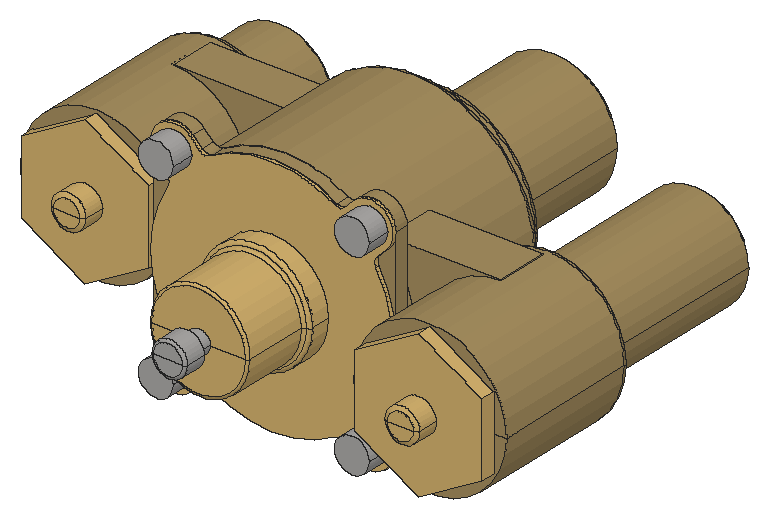
Revit family "Pipework_Fitting-Haws-AXION_Thermostatic_Mixing_Valve-9201EFE", category Pipe Fittings, Revit 2013
Parameters (values of type "9201EFE")
  Warranty = "http://www.hawsco.com/downloads/dl/file/id/15484/warranty_tmv.pdf"
  URL = "http://www.hawsco.com/"
  Product Page URL = "http://www.hawsco.com/eyewash-blending-valve"
  Product Name = "Thermostatic Mixing Valve"  # constant formula
  Product Documentation Link = "http://www.hawsco.com/downloads/dl/file/id/7319/9201efe_spec_sheet.pdf"
  Operation/Maintenance Manual = "http://www.hawsco.com/downloads/dl/file/id/1064/9201efe.pdf"
  Operating Pressure = 125.00 psi
  Model = "9201EFE"  # constant formula
  Metal = Metal - Haws - Brass Brushed
  Material = ""
  Manufacturer Phone Number = "(888) 640-4297 "  # constant formula
  Manufacturer Email/Contact = "http://www.hawsco.com/contact"
  Manufacturer Address = "1455 Kleppe Ln. Sparks, NV 89431"  # constant formula
  Manufacturer = "Haws"  # constant formula
  Keynote = ""
  Installation Drawing = "http://www.hawsco.com/downloads/dl/file/id/113/in9201efe.pdf"
  Hot Inlet Temperature = 180 °F
  Flow Rate = 12 GPM
  Description = "Axion Emergency Tempering Valve"  # constant formula
  Cold Inlet Temperature = 70 °F
Reference planes (in)
  plane 1 "Center (Front/Back)": y = 0
  plane 2: z = 0
  plane 3 "Center (Left/Right)": x = 0
  plane 4: z = 0.79563
  plane 5: z = -0.79563
  plane 6: z = 0.39782
  plane 7: z = -0.39782
  plane 8: z = 1.71409
  plane 9: x = 2.25386
  plane 10: x = -2.25386
  plane 11: y = 1.40443
  plane 12: y = -2.2318
  plane 13: y = -2.38807
  plane 14: y = -2.63249
  plane 15: y = 2.30598
  plane 16: y = -1.11989
  plane 17: y = -1.27616
  plane 18: y = -1.52058
  plane 19: y = -1.37032
  plane 20: y = -1.55654
  plane 21: y = -1.80106
  plane 22: y = -2.55135
  plane 23: y = -2.71363
  plane 24: y = -2.96406
  plane 25: z = 0.82542
  plane 26: z = -0.82563
  plane 27: y = 0.40492
  plane 28: x = -2.94107
  plane 29: x = -1.56518
  plane 30: x = 2.94254
  plane 31: x = 1.56666
  plane 32: x = -1.31291
  plane 33: x = 1.31291
  plane 34: x = -1.00027
  plane 35: x = 0.99336
  plane 36: y = -0.53791
Forms (in)
  Revolve 1, solid, material "Metal - Haws - Brass Brushed" <- "Metal"
    sketch origin (0, 0, 0) x (1, 0, 0) y (0, 1, 0)
      loop
        line (2.70986, 1.40443) -> (2.70986, -0.53389)
        arc (2.70986, -0.53389) -> (2.76114, -0.65769) -> (2.88495, -0.70898) r 0.17509
        arc (2.88495, -0.70898) -> (2.93468, -0.72958) -> (2.95528, -0.77931) r 0.07033
        line (2.95528, -0.77931) -> (2.95528, -2.1068) -> (2.25386, -2.1068) -> (2.25386, -2.2318) -> (3.08028, -2.2318) -> (3.08028, -0.63406)
        arc (3.08028, -0.63406) -> (3.06561, -0.59865) -> (3.03019, -0.58398) r 0.05009
        line (3.03019, -0.58398) -> (2.88495, -0.58398)
        arc (2.88495, -0.58398) -> (2.84953, -0.56931) -> (2.83486, -0.53389) r 0.05009
        line (2.83486, -0.53389) -> (2.83486, 1.35435) -> (2.78477, 1.40443) -> (2.70986, 1.40443)
      axis (2.25386, -2.2318) -> (2.25386, 1.40443)
    angle from 0 to 360
  Revolve 2, solid, material "Metal - Haws - Brass Brushed" <- "Metal"
    sketch origin (0, 0, 0) x (1, 0, 0) y (0, 1, 0)
      loop
        line (0, -1.37032) -> (1.31291, -1.37032) -> (1.31291, 0.36265)
        arc (1.31291, 0.36265) -> (1.29824, 0.39806) -> (1.26283, 0.41273) r 0.05009
        line (1.26283, 0.41273) -> (1.15698, 0.41273)
        arc (1.15698, 0.41273) -> (1.12157, 0.4274) -> (1.1069, 0.46282) r 0.05009
        line (1.1069, 0.46282) -> (1.1069, 0.63311)
        arc (1.1069, 0.63311) -> (1.09223, 0.66853) -> (1.05681, 0.6832) r 0.05009
        line (1.05681, 0.6832) -> (0.73626, 0.6832)
        arc (0.73626, 0.6832) -> (0.70085, 0.69787) -> (0.68618, 0.73328) r 0.05009
        line (0.68618, 0.73328) -> (0.68618, 2.25589) -> (0.63609, 2.30598) -> (0.56118, 2.30598) -> (0.56118, 0.73328)
        arc (0.56118, 0.73328) -> (0.61246, 0.60948) -> (0.73626, 0.5582) r 0.17509
        line (0.73626, 0.5582) -> (0.88652, 0.5582)
        arc (0.88652, 0.5582) -> (0.95396, 0.53026) -> (0.9819, 0.46282) r 0.09538
        arc (0.9819, 0.46282) -> (1.03318, 0.33901) -> (1.15698, 0.28773) r 0.17509
        line (1.15698, 0.28773) -> (1.18791, 0.28773) -> (1.18791, -1.24532) -> (0, -1.24532) -> (0, -1.37032)
      axis (0, 2.30598) -> (0, -1.37032)
    angle from 0 to 360
  Revolve 3, solid, material "Metal - Haws - Brass Brushed" <- "Metal"
    sketch origin (0, 0, 0) x (1, 0, 0) y (0, 1, 0)
      loop
        line (-2.25386, -1.11989) -> (-2.25386, -0.99489) -> (-2.95528, -0.99489) -> (-2.95528, 0.33254)
        arc (-2.95528, 0.33254) -> (-2.93466, 0.38231) -> (-2.88489, 0.40293) r 0.07039
        arc (-2.88489, 0.40293) -> (-2.76113, 0.4542) -> (-2.70986, 0.57796) r 0.17503
        line (-2.70986, 0.57796) -> (-2.70986, 1.40443) -> (-2.78477, 1.40443) -> (-2.83486, 1.35435) -> (-2.83486, 0.57796)
        arc (-2.83486, 0.57796) -> (-2.84951, 0.54258) -> (-2.88489, 0.52793) r 0.05003
        line (-2.88489, 0.52793) -> (-3.03019, 0.52793)
        arc (-3.03019, 0.52793) -> (-3.06561, 0.51326) -> (-3.08028, 0.47784) r 0.05009
        line (-3.08028, 0.47784) -> (-3.08028, -1.11989) -> (-2.25386, -1.11989)
      axis (-2.25386, -1.11989) -> (-2.25386, 1.40443)
    angle from 0 to 360
  Extrusion 4, solid, material "Metal - Haws - Brass Brushed" <- "Metal"
    sketch origin (-1.61461, 1.52696, 9.34863) x (0, 1, 0) y (0, 0, 1)
      loop
        line (-1.12204, -10.17426) -> (-1.12204, -8.52321) -> (-1.6251, -8.52321) -> (-1.6251, -9.09272) -> (-2.64685, -9.09272) -> (-2.64685, -9.60378) -> (-1.64685, -9.60378) -> (-1.64685, -10.17426) -> (-1.12204, -10.17426)
    from -0.63925 to 0.61434
  Extrusion 5, void
    sketch origin (0, 0, 0) x (1, 0, 0) y (0, 0, 1)
      loop
        circle (-2.25386, 0) r 0.81323
    from -0.40492 to 1.11989
  Extrusion 6, solid, material "Metal - Haws - Brass Brushed" <- "Metal"
    sketch origin (1.4421, -2.3982, 9.34863) x (0, -1, 0) y (0, 0, 1)
      loop
        line (-1.12204, -10.17426) -> (-1.12204, -8.52321) -> (-1.69903, -8.52321) -> (-1.69903, -9.09272) -> (-1.81423, -9.09272) -> (-1.81423, -9.60378) -> (-1.69903, -9.60378) -> (-1.69903, -10.17426) -> (-1.12204, -10.17426)
    from -0.81177 to 0.44874
  Extrusion 7, void
    sketch origin (4.50773, 0, 0) x (1, 0, 0) y (0, 0, 1)
      loop
        circle (-2.25386, 0) r 0.81323
    from 0.53389 to 1.37032
  Extrusion 8, void
    sketch origin (2.25386, 0, 0) x (1, 0, 0) y (0, 0, 1)
      loop
        circle (-2.25386, 0) r 1.30706
    from -0.56364 to 1.37032
  Extrusion 9, solid, material "Metal - Haws - Brass Polished"
    sketch origin (0, 2.58973, -9.03527) x (1, 0, 0) y (0, 0, -1)
      loop
        line (-2.25092, -8.24431) -> (-2.94107, -8.64277) -> (-2.94107, -9.43629) -> (-2.25386, -9.83305) -> (-1.56518, -9.43544) -> (-1.56518, -8.64022) -> (-2.25092, -8.24431)
    from -3.86589 to -3.70963
  Extrusion 10, solid, material "Metal - Haws - Brass Polished"
    sketch origin (4.50773, 2.58973, -9.03527) x (1, 0, 0) y (0, 0, -1)
      loop
        line (-2.25092, -8.24431) -> (-2.94107, -8.64277) -> (-2.94107, -9.43629) -> (-2.25386, -9.83305) -> (-1.56518, -9.43544) -> (-1.56518, -8.64022) -> (-2.25092, -8.24431)
    from -4.9778 to -4.82153
  Revolve 11, solid, material "Metal - Haws - Brass Polished"
    sketch origin (0, 0, 0) x (1, 0, 0) y (0, 1, 0)
      loop
        line (-2.25386, -1.52058) -> (-2.25386, -1.27616) -> (-2.44169, -1.27616) -> (-2.44169, -1.49371) -> (-2.39515, -1.52058) -> (-2.25386, -1.52058)
      axis (-2.25386, -1.27616) -> (-2.25386, -1.52058)
    angle from 0 to 360
  Revolve 12, solid, material "Metal - Haws - Brass Polished"
    sketch origin (4.50773, -1.11191, 0) x (1, 0, 0) y (0, 1, 0)
      loop
        line (-2.25386, -1.52058) -> (-2.25386, -1.27616) -> (-2.44169, -1.27616) -> (-2.44169, -1.49371) -> (-2.39515, -1.52058) -> (-2.25386, -1.52058)
      axis (-2.25386, -1.27616) -> (-2.25386, -1.52058)
    angle from 0 to 360
  Extrusion 13, solid, material "Metal - Haws - Brass Brushed" <- "Metal"
    sketch origin (0, -4.6594, 9.1594) x (1, 0, 0) y (0, 0, 1)
      loop
        line (-1.31291, -8.09435) -> (-1.31291, -10.22446)
        arc (-1.31291, -10.22446) -> (-1.15713, -10.45374) -> (-0.8854, -10.39896) r 0.25044
        line (-0.8854, -10.39896) -> (-0.78725, -10.30081)
        arc (-0.78725, -10.30081) -> (-0.73362, -10.27412) -> (-0.67475, -10.28518) r 0.09416
        arc (-0.67475, -10.28518) -> (0, -10.4719) -> (0.67475, -10.28518) r 1.3125
        arc (0.67475, -10.28518) -> (0.73362, -10.27412) -> (0.78725, -10.30081) r 0.09416
        line (0.78725, -10.30081) -> (0.8854, -10.39896)
        arc (0.8854, -10.39896) -> (1.15713, -10.45374) -> (1.31291, -10.22446) r 0.25044
        line (1.31291, -10.22446) -> (1.31291, -8.09435)
        arc (1.31291, -8.09435) -> (1.15713, -7.86507) -> (0.8854, -7.91985) r 0.25044
        line (0.8854, -7.91985) -> (0.78725, -8.018)
        arc (0.78725, -8.018) -> (0.73362, -8.04469) -> (0.67475, -8.03363) r 0.09416
        arc (0.67475, -8.03363) -> (0, -7.8469) -> (-0.67475, -8.03363) r 1.3125
        arc (-0.67475, -8.03363) -> (-0.73362, -8.04469) -> (-0.78725, -8.018) r 0.09416
        line (-0.78725, -8.018) -> (-0.8854, -7.91985)
        arc (-0.8854, -7.91985) -> (-1.15713, -7.86507) -> (-1.31291, -8.09435) r 0.25044
    from -3.28908 to -3.13882
  Extrusion 14, solid, material "Metal - Haws - Brass Polished"
    sketch origin (0, -6.34692, 9.15942) x (1, 0, 0) y (0, 0, 1)
      loop
        line (-1.14143, -9.94666) -> (-1.23957, -10.04481)
        arc (-1.23957, -10.04481) -> (-1.23957, -10.39898) -> (-0.8854, -10.39898) r 0.25044
        line (-0.8854, -10.39898) -> (-0.78725, -10.30082)
        arc (-0.78725, -10.30082) -> (-0.73391, -10.27418) -> (-0.67527, -10.2849) r 0.09416
        arc (-0.67527, -10.2849) -> (-0.00022, -10.47193) -> (0.67489, -10.28512) r 1.3125
        arc (0.67489, -10.28512) -> (0.7337, -10.27415) -> (0.78725, -10.30082) r 0.09416
        line (0.78725, -10.30082) -> (0.8854, -10.39898)
        arc (0.8854, -10.39898) -> (1.23957, -10.39898) -> (1.23957, -10.04481) r 0.25044
        line (1.23957, -10.04481) -> (1.14143, -9.94666)
        arc (1.14143, -9.94666) -> (1.11468, -9.89253) -> (1.12631, -9.83327) r 0.09416
        arc (1.12631, -9.83327) -> (1.3125, -9.15942) -> (1.12631, -8.48556) r 1.3125
        arc (1.12631, -8.48556) -> (1.11468, -8.42631) -> (1.14143, -8.37217) r 0.09416
        line (1.14143, -8.37217) -> (1.23957, -8.27403)
        arc (1.23957, -8.27403) -> (1.23957, -7.91986) -> (0.8854, -7.91986) r 0.25044
        line (0.8854, -7.91986) -> (0.78725, -8.01802)
        arc (0.78725, -8.01802) -> (0.7337, -8.04469) -> (0.67489, -8.03372) r 0.09416
        arc (0.67489, -8.03372) -> (-0.00022, -7.8469) -> (-0.67527, -8.03393) r 1.3125
        arc (-0.67527, -8.03393) -> (-0.73391, -8.04466) -> (-0.78725, -8.01802) r 0.09416
        line (-0.78725, -8.01802) -> (-0.8854, -7.91986)
        arc (-0.8854, -7.91986) -> (-1.23957, -7.91986) -> (-1.23957, -8.27403) r 0.25044
        line (-1.23957, -8.27403) -> (-1.14143, -8.37217)
        arc (-1.14143, -8.37217) -> (-1.11447, -8.42796) -> (-1.12801, -8.48842) r 0.09416
        arc (-1.12801, -8.48842) -> (-1.3125, -9.16108) -> (-1.12631, -9.83327) r 1.3125
        arc (-1.12631, -9.83327) -> (-1.11468, -9.89253) -> (-1.14143, -9.94666) r 0.09416
    from -4.82634 to -4.79038
  Extrusion 15, solid, material "Metal - Haws - Steel"
    sketch origin (0, -5.03442, 9.15942) x (1, 0, 0) y (0, 0, 1)
      loop
        circle (-1.06248, -8.09694) r 0.18782
      loop
        circle (1.06248, -8.09694) r 0.18782
      loop
        circle (-1.06248, -10.2219) r 0.18782
      loop
        circle (1.06248, -10.2219) r 0.18782
    from -3.47788 to -3.23336
  Revolve 16, solid, material "Metal - Haws - Brass Polished"
    sketch origin (0, 0, 0) x (1, 0, 0) y (0, 1, 0)
      loop
        line (0, -1.55654) -> (-0.60804, -1.55654) -> (-0.60804, -1.76896)
        arc (-0.60804, -1.76896) -> (-0.59746, -1.79449) -> (-0.57193, -1.80507) r 0.03611
        arc (-0.57193, -1.80507) -> (-0.54788, -1.81503) -> (-0.53792, -1.83908) r 0.03401
        line (-0.53792, -1.83908) -> (-0.53792, -2.52528)
        arc (-0.53792, -2.52528) -> (-0.53029, -2.54371) -> (-0.51185, -2.55135) r 0.02607
        line (-0.51185, -2.55135) -> (0, -2.55135) -> (0, -1.55654)
      axis (0, -1.55654) -> (0, -2.55135)
    angle from 0 to 360
  Revolve 17, solid, material "Metal - Haws - Steel"
    sketch origin (0, 0, 0) x (1, 0, 0) y (0, 1, 0)
      loop
        line (0, -2.55135) -> (0, -2.96406) -> (0.16024, -2.96406)
        arc (0.16024, -2.96406) -> (0.17974, -2.95598) -> (0.18782, -2.93648) r 0.02758
        line (0.18782, -2.93648) -> (0.18782, -2.71363) -> (0.12521, -2.71363) -> (0.12521, -2.55135) -> (0, -2.55135)
      axis (0, -2.55135) -> (0, -2.96406)
    angle from 0 to 360
Cuts and joins
  Extrusion 7 cuts Revolve 3
  Extrusion 8 cuts Revolve 1
  Extrusion 5, Extrusion 8 cuts Extrusion 4
  Extrusion 7, Extrusion 8 cuts Extrusion 6
Lines and regions (in)
  Masking region 1
    outline origin (0, 0, 0) x (1, 0, 0) y (0, 1, 0)
      loop
        line (-3.08028, -1.11989) -> (-1.31291, -1.11989) -> (-1.31291, -1.55654) -> (-0.60804, -1.55654) -> (-0.60804, -2.55135) -> (0.60804, -2.55135) -> (0.60804, -1.55654) -> (1.42745, -1.55654) -> (1.42745, -2.2318) -> (3.07613, -2.2318) -> (3.07613, -0.58189) -> (2.83486, -0.58189) -> (2.83486, 1.40443) -> (1.67287, 1.40443) -> (1.67287, 0.41221) -> (1.1087, 0.41221) -> (1.1087, 0.68138) -> (0.68618, 0.68138) -> (0.68618, 2.30598) -> (-0.68618, 2.30598) -> (-0.68618, 0.68138) -> (-1.1036, 0.68138) -> (-1.1036, 0.52735) -> (-1.67287, 0.52735) -> (-1.67287, 1.40443) -> (-2.83435, 1.40443) -> (-2.83435, 0.52817) -> (-3.08028, 0.52817) -> (-3.08028, -1.11989)
  symbolic lines, detail levels medium+fine
    curve 1: line (-1.44063, 0.52735, 0) -> (-1.44063, -1.11989, 0)
    curve 2: line (-1.3303, -1.11989, 0) -> (-1.3303, 0.41221, 0)
    curve 3: line (-1.3303, 0.41221, 0) -> (-1.1036, 0.41221, 0)
    curve 6: line (1.42745, -2.2318, 0) -> (1.42745, -0.58398, 0)
    curve 7: line (1.42745, -0.58398, 0) -> (1.67287, -0.58398, 0)
    curve 8: line (1.67287, -0.58398, 0) -> (1.67287, 0.41221, 0)
    curve 9: line (-1.1036, 0.52735, 0) -> (-1.1036, 0.41221, 0)
  symbolic lines, detail levels fine
    curve 4: line (0.68618, 0.68138, 0) -> (-0.68618, 0.68138, 0)
    curve 5: line (-0.60804, -1.55654, 0) -> (0.60804, -1.55654, 0)
    curve 10: line (1.1087, 0.41221, 0) -> (-1.1036, 0.41221, 0)
Dimensions and locks (in)
  plane 26 to plane 5 to plane 7 to plane 2 to plane 6 to plane 4 to plane 25 to plane 8 = 0' - 0.03" locked, 0' - 0.39782" locked, 0' - 0.39782" locked, 0' - 0.39782" locked, 0' - 0.39782" locked, 0' - 0.02978" locked, 0' - 0.88868" locked
  plane 8 to plane 4 to plane 6 to plane 2 to plane 7 to plane 5 = 0' - 0.91846", 0' - 0.39782", 0' - 0.39782", 0' - 0.39782", 0' - 0.39782"
  plane 8 to plane 25 to plane 4 to plane 6 to plane 2 to plane 7 to plane 5 to plane 26 = 0' - 0.88868", 0' - 0.02978", 0' - 0.39782", 0' - 0.39782", 0' - 0.39782", 0' - 0.39782", 0' - 0.03"
  plane 26 to Extrusion 4 sketch curve to Extrusion 4 sketch curve = 0' - 0.57048" locked, 0' - 0.51105" locked
  Extrusion 4 sketch curve to plane 1 "Center (Front/Back)" to Extrusion 4 sketch curve to Extrusion 4 sketch curve to Extrusion 4 sketch curve = 0' - 0.40492", 0' - 0.09814", 0' - 0.02175" locked, 0' - 1" locked
  Extrusion 6 sketch curve to Extrusion 6 sketch curve to Extrusion 6 sketch curve to plane 17 = 0' - 0.1152" locked, 0' - 0" locked, 0' - 0.57699" locked
  Extrusion 6 sketch curve to plane 2 to Extrusion 6 sketch curve = 0' - 0.2559" locked, 0' - 0.25515" locked
  plane 4 to Extrusion 9 sketch curve to Extrusion 9 sketch curve to Extrusion 9 sketch curve to Extrusion 9 sketch curve to Extrusion 9 sketch curve = 0' - 0.39461" locked, 0' - 0.00085" locked, 0' - 0.79267" locked, 0' - 0.00255" locked, 0' - 0.39591" locked
  plane 25 to Extrusion 10 sketch curve to Extrusion 10 sketch curve to Extrusion 10 sketch curve to Extrusion 10 sketch curve to Extrusion 10 sketch curve to Extrusion 10 sketch curve = 0' - 0.02764" locked, 0' - 0.39676" locked, 0' - 0.00085" locked, 0' - 0.79267" locked, 0' - 0.00255" locked, 0' - 0.39591" locked
  plane 15 to plane 11 to plane 27 to plane 1 "Center (Front/Back)" to plane 36 to plane 16 to plane 17 to plane 19 to plane 18 to plane 20 to plane 21 to plane 12 to plane 13 to plane 22 to plane 14 to plane 23 to plane 24 = 0' - 0.90155" locked, 0' - 0.99951" locked, 0' - 0.40492" locked, 0' - 0.53791" locked, 0' - 0.58199" locked, 0' - 0 5/32" locked, 0' - 0.09416" locked, 0' - 0.15026" locked, 0' - 0.03596" locked, 0' - 0.24452" locked, 0' - 0.43074" locked, 0' - 0 5/32" locked, 0' - 0.16328" locked, 0' - 0.08114" locked, 0' - 0.08114" locked, 0' - 0.25043" locked
  Extrusion 15 sketch curve to Extrusion 15 sketch curve to plane 3 "Center (Left/Right)" to Extrusion 15 sketch curve to Extrusion 15 sketch curve = 0' - 0" locked, 0' - 1 1/16" locked, 0' - 1 1/16" locked, 0' - 0" locked
  Extrusion 15 sketch curve to Extrusion 15 sketch curve to plane 2 to Extrusion 15 sketch curve to Extrusion 15 sketch curve = 0' - 0" locked, 0' - 1 1/16" locked, 0' - 1 1/16" locked, 0' - 0" locked
  plane 30 to plane 9 to plane 31 to plane 33 to plane 35 to plane 3 "Center (Left/Right)" to plane 34 to plane 32 to plane 29 to plane 10 to plane 28 = 0' - 0.68868" locked, 0' - 0.68721" locked, 0' - 0.25375" locked, 0' - 0.31955" locked, 0' - 0.99336" locked, 0' - 1.00027" locked, 0' - 0.31264" locked, 0' - 0.25227" locked, 0' - 0.68868" locked, 0' - 0.68721" locked
  locked: plane 4 to Extrusion 9 sketch curve (angle 150.00°)
  aligned and locked: level to plane 2
  aligned and locked: plane 9 to Revolve 1 sketch curve
  aligned and locked: Revolve 1 sketch curve to plane 11
  aligned and locked: plane 12 to Revolve 1 sketch curve
  aligned and locked: Revolve 2 sketch curve to plane 3 "Center (Left/Right)"
  aligned and locked: plane 15 to Revolve 2 sketch curve
  aligned and locked: plane 19 to Revolve 2 sketch curve
  aligned and locked: Revolve 2 sketch curve to plane 15
  aligned and locked: Revolve 2 sketch curve to plane 19
  aligned and locked: plane 10 to Revolve 3 sketch curve
  aligned and locked: plane 11 to Revolve 3 sketch curve
  aligned and locked: plane 16 to Revolve 3 sketch curve  (x2)
  aligned and locked: Revolve 3 sketch curve to plane 11
  aligned and locked: Extrusion 4 sketch curve to plane 25
  aligned and locked: plane 26 to Extrusion 4 sketch curve
  aligned and locked: Extrusion 4 to plane 16
  aligned and locked: plane 27 to Extrusion 4
  aligned and locked: Extrusion 4 to plane 10
  aligned and locked: plane 17 to Extrusion 6 sketch curve
  aligned and locked: plane 25 to Extrusion 6 sketch curve
  aligned and locked: Extrusion 6 sketch curve to plane 26
  aligned and locked: Extrusion 9 to plane 17
  aligned and locked: plane 16 to Extrusion 9
  aligned and locked: plane 28 to Extrusion 9 sketch curve
  aligned and locked: plane 29 to Extrusion 9 sketch curve
  aligned and locked: plane 31 to Extrusion 10 sketch curve
  aligned and locked: plane 30 to Extrusion 10 sketch curve
  aligned and locked: Extrusion 10 to plane 13
  aligned and locked: plane 12 to Extrusion 10
  aligned and locked: plane 18 to Revolve 11 sketch curve
  aligned and locked: Revolve 11 sketch curve to plane 17
  aligned and locked: Revolve 11 sketch curve to plane 10  (x2)
  aligned and locked: Revolve 12 sketch curve to plane 9  (x2)
  aligned and locked: plane 14 to Revolve 12 sketch curve
  aligned and locked: Revolve 12 sketch curve to plane 13
  aligned and locked: plane 19 to Extrusion 13
  aligned and locked: Extrusion 13 to plane 18
  aligned and locked: plane 33 to Extrusion 13 sketch curve
  aligned and locked: plane 32 to Extrusion 13 sketch curve
  aligned and locked: plane 18 to Extrusion 14
  aligned and locked: Extrusion 14 to plane 20
  aligned and locked: plane 20 to Extrusion 15
  aligned and locked: Extrusion 15 to plane 21
  aligned and locked: Revolve 16 sketch curve to plane 3 "Center (Left/Right)"
  aligned and locked: plane 20 to Revolve 16 sketch curve  (x2)
  aligned and locked: plane 22 to Revolve 16 sketch curve  (x2)
  aligned and locked: Revolve 17 sketch curve to plane 3 "Center (Left/Right)"
  aligned and locked: Revolve 17 sketch curve to plane 22
  aligned and locked: plane 24 to Revolve 17 sketch curve
  aligned and locked: plane 34 to Extrusion 4
  aligned and locked: Extrusion 4 to Extrusion 5
  aligned and locked: Extrusion 5 to plane 16
  aligned and locked: plane 2 to Extrusion 5 sketch curve
  aligned and locked: plane 10 to Extrusion 5 sketch curve
  aligned and locked: Extrusion 6 to plane 35
  aligned and locked: plane 9 to Extrusion 6
  aligned and locked: plane 9 to Extrusion 7 sketch curve
  aligned and locked: level to Extrusion 7 sketch curve
  aligned and locked: Extrusion 7 to plane 19
  aligned and locked: Extrusion 8 to plane 19
  aligned and locked: plane 3 "Center (Left/Right)" to Extrusion 8 sketch curve
  aligned and locked: level to Extrusion 8 sketch curve
  aligned and locked: plane 10 to Extrusion 9 sketch curve  (x2)
  aligned and locked: plane 3 "Center (Left/Right)" to Extrusion 14 sketch curve
  aligned and locked: level to Extrusion 14 sketch curve
  aligned and locked: plane 3 "Center (Left/Right)" to Extrusion 13 sketch curve  (x2)
  aligned and locked: plane 2 to Extrusion 13 sketch curve  (x2)
  aligned and locked: Revolve 2 sketch curve to plane 33
  aligned and locked: Masking region 1 to plane 32
Connectors (in)
  piping at (-2.25386, 1.40443, 0), driven by "Flow Rate"
    settings: on cut or joined group of Revolve 3, Extrusion 7, index 1, connector radius 1/4", flow factor 0, pipe flow 12 GPM, pressure drop 0.00 psi, fitting loss kfactor 0, connector angle 0.00°, fixture units 0, engagement length 0' - 0", flow configuration 0, flow direction 1, fitting loss method 0, system type 19, joint type 0, gender type 0, connector reference index -1, connector utility 0, adjustable connector no, is connector primary yes, fitting loss table "", connector description "Hot Water Inlet"
  piping at (2.25386, 1.40443, 0), driven by "Flow Rate"
    settings: on cut or joined group of Revolve 1, Extrusion 8, index 3, connector radius 1/4", flow factor 0, pipe flow 12 GPM, pressure drop 0.00 psi, fitting loss kfactor 0, connector angle 0.00°, fixture units 0, engagement length 0' - 0", flow configuration 0, flow direction 1, fitting loss method 0, system type 20, joint type 0, gender type 0, connector reference index -1, connector utility 0, adjustable connector no, is connector primary no, fitting loss table "", connector description "Cold Water Inlet"
  piping at (0, 2.30598, 0)
    settings: on Revolve 2, index 4, connector radius 5/16", flow factor 0, pipe flow 0 GPM, pressure drop 0.00 psi, fitting loss kfactor 0, connector angle 0.00°, fixture units 0, engagement length 0' - 0", flow configuration 0, flow direction 2, fitting loss method 0, system type 8, joint type 0, gender type 0, connector reference index -1, connector utility 0, adjustable connector no, is connector primary no, fitting loss table "", connector description "Tempered Water Outlet"
